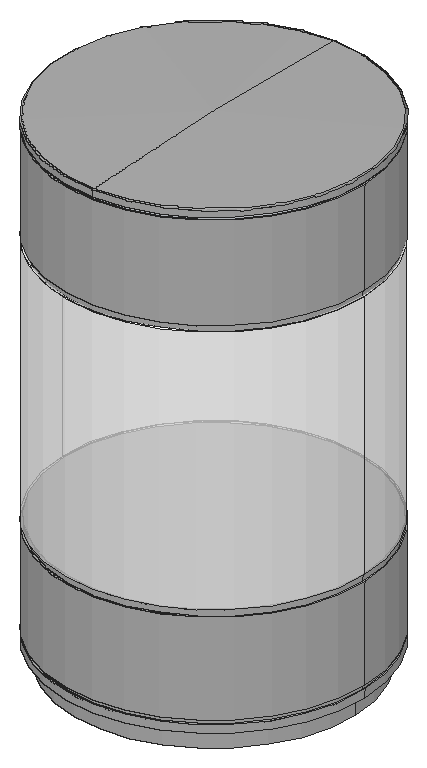
Revit family "Platek_Tube", category Apparecchi per illuminazione, Revit 2017
Family settings
  Quota connettore circolare = Usa diametro
  Tipo di parte = Normale
  Basato su piano di lavoro = No
  Sempre verticale = Sì
  Taglio con vuoti quando caricato = No
  Sorgente d'illuminazione = Sì
  Condiviso = No
  Punto di calcolo locali = No
Parameters (values of type "3365610_10W_LED_3000K_H260mm")
  Width = 150.000 mm
  Wattage = 2.80056 W
  Variazione temperatura colore lampada con luminosità attenuata = <Nessuno>
  URL = "www.platek.eu"
  built-in parameter 1150107 = 3000 (stored number, unit not read)
  Supply Voltage Min = 220 V
  Supply Voltage Max = 240 V
  Supply Voltage = 230 V
  Rendi la forma visibile nel rendering = no
  R [instance] = 75.000 mm
  Produttore = "PLATEK SRL"  # constant formula
  Product Page URL = "http://www.platek.eu/eng/catalogo.php?catseaname=tube"
  Product Documentation Link = "http://www.platek.eu/eng/catalogo.php?catseaname=tube"
  Product Dimension = "D160mm x H260mm"
  Power Supply Unit = "Included"
  built-in parameter 1150110 = 1 (stored number, unit not read)
  built-in parameter 1150109 = 1 (stored number, unit not read)
  built-in parameter 1114218 = 1 (stored number, unit not read)
  built-in parameter 1150112 = 1 (stored number, unit not read)
  PLATEK FInishes = "Painted Aluminium Avalaible in Anthracite/Black/White/Corten/Bronze"
  PLATEK Article Code = "3365610"
  Nota chiave = "Other Led colors available on request"
  Mounting Type = "Ground"
  Modello = "Tube"  # constant formula
  built-in parameter 1150137 = (empty or 0)
  built-in parameter 1150132 = 2
  Manufacturer Comment = "Transparent"
  Luminaire Wattage = 10 W
  Luminaire Luminous Intensity = 107 cd
  Luminaire Luminous Flux = 416 lm
  Height Light = if(H Light260, 246.000 mm, if(H Light1000, 250.000 mm, if(H Light3000, 1000.000 mm, if(H Light4000, 2000.000 mm, 246.000 mm))))  # 246.000 mm
  Light Source = PLK_Light Source
  Lampada = "LED"
  LED Protection = "Surge protection included"
  built-in parameter 1150105 = 106.96 (stored number, unit not read)
  built-in parameter 1150102 = (empty or 0)
  Insulation Class = "2"
  Immagine tipo = tube_260_trasparente.jpg
  built-in parameter 1150106 = 1.0696 (stored number, unit not read)
  IP Rating = "IP65"
  IK Rating = "IK 10"
  H Light4000 = no
  H Light3000 = no
  H Light260 = yes
  H Light1000 = no
  H Body4000 = no
  H Body3000 = no
  H Body1000 = no
  H Body260 = yes
  Frequency = "0/50/60 Hz"
  Lumens = 416 lm
  Color Filter = 16777215
  File diagramma fotometrico = "3365610.IES"
  built-in parameter 1114217 = 1 (stored number, unit not read)
  built-in parameter 1150139 = (empty or 0)
  Energy Efficiency Rating = "A/A+/A++"
  Emetti da diametro cerchio = 150.000 mm
  built-in parameter 1150104 = 13.8 (stored number, unit not read)
  built-in parameter 1150115 = 1 (stored number, unit not read)
  built-in parameter 1150114 = 1 (stored number, unit not read)
  built-in parameter 1150113 = 1 (stored number, unit not read)
  Dimmable = "No"
  Diffuse Type = "PMMA"
  Descrizione = "Outdoor Lighting, Floor/Ground Illumination"
  Depth = 150.000 mm
  Commenti sul tipo = "Pedestrian areas, Urban zones, Paths, Roads"
  Colour Temperature = 3000 K
  built-in parameter 1150134 = (empty or 0)
  built-in parameter 1150138 = (empty or 0)
  Codice assieme = "3365610.06(Grey); 3365610.08(Anthracite); 3365610.01(Black); 3365610.02(White); 3365610.07(Corten); 3365610.09(Bronze)"
  Apparent Load = 0 VA
  Cable Lenght = ""
  CRI = ">80"
  Height Body = if(H Body260, 14.000 mm, if(H Body1000, 750.000 mm, if(H Body3000, 2000.000 mm, if(H Body4000, 2000.000 mm, 14.000 mm))))  # 14.000 mm
  Body = PLK_Grey
  Beam Angle = 0.00°
  BASE = 75.000 mm
  Angolo inclinazione = 90.00°
  Aluminium = PLK_Light Source
  built-in parameter 1150133 = 10 (stored number, unit not read)
Types (9, lengths in mm): name | Wattage | R | Product Dimension | PLATEK Article Code | Manufacturer Comment | Luminaire Wattage | Luminaire Luminous Intensity | Luminaire Luminous Flux | Height Light | built-in parameter 1150105 | Immagine tipo | built-in parameter 1150106 | H Light4000 | H Light3000 | H Light260 | H Light1000 | H Body4000 | H Body3000 | H Body1000 | H Body260 | Lumens | File diagramma fotometrico | Commenti sul tipo | Codice assieme | Height Body
  (no name) | 2.80056 W | 75.000 | "D160mm x H260mm" | "3365610" | "Transparent" | 10 W | 107 cd | 416 lm | 246.000 | 106.96 (stored number, unit not read) | tube_260_trasparente.jpg | 1.0696 (stored number, unit not read) | no | no | yes | no | no | no | no | yes | 416 lm | "3365610.IES" | "Pedestrian areas, Urban zones, Paths, Roads" | "3365610.06(Grey); 3365610.08(Anthracite); 3365610.01(Black); 3365610.02(White); 3365610.07(Corten); 3365610.09(Bronze)" | 14.000
  3365610_10W_LED_3000K_H260mm | 2.80056 W | 75.000 | "D160mm x H260mm" | "3365610" | "Transparent" | 10 W | 107 cd | 416 lm | 246.000 | 106.96 (stored number, unit not read) | tube_260_trasparente.jpg | 1.0696 (stored number, unit not read) | no | no | yes | no | no | no | no | yes | 416 lm | "3365610.IES" | "Pedestrian areas, Urban zones, Paths, Roads" | "3365610.06(Grey); 3365610.08(Anthracite); 3365610.01(Black); 3365610.02(White); 3365610.07(Corten); 3365610.09(Bronze)" | 14.000
  3365611_20W_LED_3000K_H1000mm | 6.22046 W | 75.000 | "D160mm x H1000mm" | "3365611" | "" | 20 W | 237.67 cd | 924 lm | 250.000 | 73.53 (stored number, unit not read) | tube_1000_trasparente.jpg | 0.7353 (stored number, unit not read) | no | no | no | yes | no | no | yes | no | 924 lm | "3365611.IES" | "Pedestrian areas, Urban zones, Paths, Roads" | "3365611.06(Grey); 3365611.08(Anthracite);3365611.01(Black); 3365611.02(White); 3365611.07(Corten); 3365611.09(Bronze)" | 750.000
  3365613_42W_LED_3000K_H3000mm | 13.5652 W | 175.000 | "D160mm x H3000mm" | "3365613" | "" | 42 W | 558.18 cd | 2015 lm | 1000.000 | 160.35 (stored number, unit not read) | tube_3000_trasparente.jpg | 1.6035 (stored number, unit not read) | no | yes | no | no | no | yes | no | no | 2015 lm | "3365613.IES" | "Pedestrian areas, Urban zones, Paths, Roads" | "3365613.06(Grey); 3365613.08(Anthracite); 3365613.01(Black); 3365613.02(White); 3365613.07(Corten); 3365613.09(Bronze)" | 2000.000
  3365614_42W_LED_3000K_H4000mm | 13.5652 W | 175.000 | "D160mm x H4000mm" | "3365614" | "" | 42 W | 558.18 cd | 2015 lm | 2000.000 | 160.35 (stored number, unit not read) | tube_4000_trasparente.jpg | 1.6035 (stored number, unit not read) | yes | no | no | no | yes | no | no | no | 2015 lm | "3365614.IES" | "Siutable for restaurants, balconies, terraces, lounge areas" | "3365614.06(Grey); 3365614.08(Anthracite); 3365614.01(Black); 3365614.02(White); 3365614.07(Corten); 3365614.09(Bronze)" | 2000.000
  3366610_10W_LED_3000K_H260mm | 4.08639 W | 75.000 | "D160mm x H260mm" | "3366610" | "Sandblasted" | 10 W | 918 cd | 607 lm | 246.000 | 48.304 (stored number, unit not read) | tube_260_sabbiato.jpg | 0.48304 (stored number, unit not read) | no | no | yes | no | no | no | no | yes | 607 lm | "3366610.IES" | "Pedestrian areas, Urban zones, Paths, Roads" | "3366610.06(Grey); 3366610.08(Anthracite); 3366610.01(Black); 3366610.02(White); 3366610.07(Corten); 3366610.09(Bronze)" | 14.000
  3366611_20W_LED_3000K_H1000mm | 8.41513 W | 75.000 | "D160mm x H1000mm" | "3366611" | "Sandblasted" | 20 W | 188.87 cd | 1250 lm | 250.000 | 321.38 (stored number, unit not read) | tube_1000_sabbiato.jpg | 3.2138 (stored number, unit not read) | no | no | no | yes | no | no | yes | no | 1250 lm | "3366611.IES" | "Pedestrian areas, Urban zones, Paths, Roads" | "3366611.06(Grey); 3366611.08(Anthracite);3366611.01(Black); 3365611.02(White); 3366611.07(Corten); 3366611.09(Bronze)" | 750.000
  3366613_42W_LED_3000K_H3000mm | 19.0855 W | 175.000 | "D160mm x H3000mm" | "3366613" | "Sandblasted" | 42 W | 429 cd | 2835 lm | 1000.000 | 784.97 (stored number, unit not read) | tube_3000_sabbiato.jpg | 7.8497 (stored number, unit not read) | no | yes | no | no | no | yes | no | no | 2835 lm | "3366613.IES" | "Pedestrian areas, Urban zones, Paths, Roads" | "3366613.06(Grey); 3366613.08(Anthracite); 3366613.01(Black); 3366613.02(White); 3366613.07(Corten); 3366613.09(Bronze)" | 2000.000
  3366614_42W_LED_3000K_H4000mm | 19.0855 W | 175.000 | "D160mm x H4000mm" | "3366614" | "Sandblasted" | 42 W | 429 cd | 2835 lm | 2000.000 | 784.97 (stored number, unit not read) | tube_4000_sabbiato.jpg | 7.8497 (stored number, unit not read) | yes | no | no | no | yes | no | no | no | 2835 lm | "3366614.IES" | "Siutable for restaurants, balconies, terraces, lounge areas" | "3366614.06(Grey); 3366614.08(Anthracite); 3366614.01(Black); 3366614.02(White); 3366614.07(Corten); 3366614.09(Bronze)" | 2000.000
Reference planes
  plane 1 "Centro (Fronte/Retro)": y = 0
  plane 2: z = 0
  plane 3 "Centro (Sinistra/Destra)": x = 0
  plane 4: z = 10
  plane 5: z = 14
  plane 6: z = 16
  plane 7: z = 65
  plane 8: z = 68
  plane 9: z = 200
  plane 10: z = 253
  plane 11: z = 254.246
  plane 12: z = 260
  plane 13: z = 203
  plane 14: x = 75
  plane 15: x = -75
  plane 16: y = -75
  plane 17: y = 75
Forms (mm)
  Extrusion 1, solid, material "PLK_Grey" <- "Body", detail levels fine
    sketch origin (0, 0, 1892.5) x (-1, 0, 0) y (0, -1, 0)
      loop
        circle (0, 0) r 80
    from -1882.5 to -1878.5
  Extrusion 2, solid, material "PLK_Grey" <- "Body", detail levels fine
    sketch origin (0, 0, 1892.5) x (-1, 0, 0) y (0, -1, 0)
      loop
        circle (0, 0) r 79
    from -1878.5 to -1876.5
  Extrusion 3, solid, material "PLK_Grey" <- "Body", detail levels fine
    sketch origin (0, 0, 1892.5) x (-1, 0, 0) y (0, -1, 0)
      loop
        circle (0, 0) r 80
    from -1876.5 to -1827.5
  Extrusion 4, solid, material "PLK_Grey" <- "Body", detail levels fine
    sketch origin (0, 0, 1892.5) x (-1, 0, 0) y (0, -1, 0)
      loop
        circle (0, 0) r 79
    from -1827.5 to -1824.5
  Extrusion 5, solid, material "PLK_Light Source" <- "Light Source", detail levels medium+fine
    sketch origin (0, 0, 1892.5) x (-1, 0, 0) y (0, -1, 0)
      loop
        circle (0, 0) r 80
    from -1824.5 to -1692.5
  Extrusion 6, solid, material "PLK_Grey" <- "Body", detail levels fine
    sketch origin (0, 0, 1892.5) x (-1, 0, 0) y (0, -1, 0)
      loop
        circle (0, 0) r 79
    from -1692.5 to -1689.5
  Extrusion 7, solid, material "PLK_Grey" <- "Body", detail levels fine
    sketch origin (0, 0, 1892.5) x (-1, 0, 0) y (0, -1, 0)
      loop
        circle (0, 0) r 80
    from -1689.5 to -1639.5
  Extrusion 8, solid, detail levels fine
    sketch origin (0, 0, 1892.5) x (-1, 0, 0) y (0, -1, 0)
      loop
        circle (0, 0) r 79
    from -1639.5 to -1638.254
  Revolve 9, solid, material "PLK_Grey" <- "Body", detail levels fine
    sketch origin (0, 0, 0) x (0, 1, 0) y (0, 0, 1)
      loop
        line (0, 260) -> (0, 254.246) -> (80.06, 254.246) -> (80.06, 257.445)
        arc (80.06, 257.445) -> (79.894, 257.845) -> (79.494, 258.011) r 0.566
        line (79.494, 258.011) -> (0, 260)
      axis (0, 260) -> (0, 254.246)
    angle from 0 to 360
  Extrusion 10, solid, material "PLK_Grey" <- "Body", detail levels coarse
    sketch origin (0, 0, 1892.5) x (-1, 0, 0) y (0, -1, 0)
      loop
        circle (0, 0) r 80
    from -1892.5 to -1632.5
  Extrusion 11, solid, material "PLK_Grey" <- "Body", detail levels medium
    sketch origin (0, 0, 1892.5) x (-1, 0, 0) y (0, -1, 0)
      loop
        circle (0, 0) r 80
    from -1892.5 to -1824.5
  Extrusion 12, solid, material "PLK_Grey" <- "Body", detail levels medium
    sketch origin (0, 0, 1892.5) x (-1, 0, 0) y (0, -1, 0)
      loop
        circle (0, 0) r 80
    from -1692.5 to -1632.5
  Extrusion 13, solid, material "PLK_Grey" <- "Body"
    sketch origin (0, 0, 1892.5) x (-1, 0, 0) y (0, -1, 0)
      loop
        circle (0, 0) r 75
    from -1892.5 to -1882.5
Dimensions and locks
  plane 4 to plane 2 = 10.000 mm
  plane 5 to plane 4 = 4.000 mm
  plane 6 to plane 5 = 2.000 mm
  plane 7 to plane 6 = 49.000 mm
  plane 8 to plane 7 = 3.000 mm
  plane 9 to plane 8 = 132.000 mm
  plane 10 to plane 9 = 53.000 mm
  plane 11 to plane 10 = 1.246 mm
  plane 12 to plane 11 = 5.754 mm
  Extrusion 5 to plane 13 to plane 10 = 3.000 mm, 50.000 mm
  locked: plane 4 to level at 10
  "Height Body": plane 5 to level
  locked: plane 6 to plane 5 at 2
  locked: plane 7 to plane 6 at 49
  locked: plane 8 to plane 7 at 3
  locked: plane 13 to plane 9 at 3
  locked: plane 10 to plane 13 at 50
  locked: plane 11 to plane 10 at 1.246
  locked: plane 12 to plane 11 at 5.754
  "Height Light": plane 12 to plane 5
  equal spacing: plane 15, plane 3 "Centro (Sinistra/Destra)", plane 14, locked at 75 each
  equal spacing: plane 17, plane 1 "Centro (Fronte/Retro)", plane 16, locked at 75 each
  "Depth": plane 17 to plane 16
  "Width": plane 15 to plane 14
  radius of Extrusion 1 sketch curve = 80.000 mm
  radius of Extrusion 4 sketch curve = 79.000 mm
  radius of Extrusion 5 sketch curve = 80.000 mm
  radius of Extrusion 6 sketch curve = 79.000 mm
  radius of Extrusion 7 sketch curve = 80.000 mm
  radius of Extrusion 8 sketch curve = 79.000 mm
  radius of Extrusion 10 sketch curve = 80.000 mm
  radius of Extrusion 11 sketch curve = 80.000 mm
  radius of Extrusion 12 sketch curve = 80.000 mm
  "R": radius of Extrusion 13 sketch curve
  aligned and locked: level to plane 2
  aligned and locked: Extrusion 1 to plane 4
  aligned and locked: plane 5 to Extrusion 1
  aligned and locked: Extrusion 2 to plane 5
  aligned and locked: plane 6 to Extrusion 2
  aligned and locked: Extrusion 3 to plane 6
  aligned and locked: plane 7 to Extrusion 3
  aligned and locked: Extrusion 4 to plane 7
  aligned and locked: plane 8 to Extrusion 4
  aligned and locked: Extrusion 5 to plane 8
  aligned and locked: plane 9 to Extrusion 5
  aligned and locked: Extrusion 6 to plane 9
  aligned and locked: plane 13 to Extrusion 6
  aligned and locked: Extrusion 7 to plane 13
  aligned and locked: plane 10 to Extrusion 7
  aligned and locked: Extrusion 8 to plane 10
  aligned and locked: plane 11 to Extrusion 8
  aligned and locked: plane 1 "Centro (Fronte/Retro)" to Revolve 9 sketch curve
  aligned and locked: plane 9 to imposter light
  aligned and locked: plane 3 "Centro (Sinistra/Destra)" to imposter light
  aligned and locked: imposter light to plane 1 "Centro (Fronte/Retro)"
  aligned and locked: Extrusion 10 to level
  aligned and locked: plane 12 to Extrusion 10
  aligned and locked: Extrusion 11 to level
  aligned and locked: plane 8 to Extrusion 11
  aligned and locked: Extrusion 12 to plane 9
  aligned and locked: plane 12 to Extrusion 12
  aligned and locked: Extrusion 13 to level
  aligned and locked: plane 4 to Extrusion 13
Automatic sketch dimensions
  plane 1 "Centro (Fronte/Retro)" to Extrusion 1 sketch curve = 0.000 mm
  Extrusion 1 sketch curve to plane 3 "Centro (Sinistra/Destra)" = 0.000 mm
  plane 1 "Centro (Fronte/Retro)" to Extrusion 2 sketch curve = 0.000 mm
  Extrusion 2 sketch curve to plane 3 "Centro (Sinistra/Destra)" = 0.000 mm
  plane 1 "Centro (Fronte/Retro)" to Extrusion 3 sketch curve = 0.000 mm
  Extrusion 3 sketch curve to plane 3 "Centro (Sinistra/Destra)" = 0.000 mm
  plane 1 "Centro (Fronte/Retro)" to Extrusion 4 sketch curve = 0.000 mm
  Extrusion 4 sketch curve to plane 3 "Centro (Sinistra/Destra)" = 0.000 mm
  plane 1 "Centro (Fronte/Retro)" to Extrusion 5 sketch curve = 0.000 mm
  Extrusion 5 sketch curve to plane 3 "Centro (Sinistra/Destra)" = 0.000 mm
  plane 1 "Centro (Fronte/Retro)" to Extrusion 6 sketch curve = 0.000 mm
  Extrusion 6 sketch curve to plane 3 "Centro (Sinistra/Destra)" = 0.000 mm
  plane 1 "Centro (Fronte/Retro)" to Extrusion 7 sketch curve = 0.000 mm
  Extrusion 7 sketch curve to plane 3 "Centro (Sinistra/Destra)" = 0.000 mm
  plane 1 "Centro (Fronte/Retro)" to Extrusion 8 sketch curve = 0.000 mm
  Extrusion 8 sketch curve to plane 3 "Centro (Sinistra/Destra)" = 0.000 mm
  Revolve 9 sketch curve to plane 1 "Centro (Fronte/Retro)" = 0.000 mm
  Revolve 9 sketch curve to plane 11 = 0.000 mm
  Revolve 9 sketch curve to plane 12 = 0.000 mm
  Revolve 9 sketch curve to plane 12 = 2.555 mm
  Revolve 9 sketch curve to plane 1 "Centro (Fronte/Retro)" = 79.494 mm
  Revolve 9 sketch curve to Revolve 9 sketch curve = 0.566 mm
  Revolve 9 sketch curve to plane 10 = 24.380 mm
  plane 12 to Revolve 9 sketch curve = 14.246 mm
  plane 1 "Centro (Fronte/Retro)" to Extrusion 10 sketch curve = 0.000 mm
  Extrusion 10 sketch curve to plane 3 "Centro (Sinistra/Destra)" = 0.000 mm
  plane 1 "Centro (Fronte/Retro)" to Extrusion 11 sketch curve = 0.000 mm
  Extrusion 11 sketch curve to plane 3 "Centro (Sinistra/Destra)" = 0.000 mm
  plane 1 "Centro (Fronte/Retro)" to Extrusion 12 sketch curve = 0.000 mm
  Extrusion 12 sketch curve to plane 3 "Centro (Sinistra/Destra)" = 0.000 mm
  plane 1 "Centro (Fronte/Retro)" to Extrusion 13 sketch curve = 0.000 mm
  Extrusion 13 sketch curve to plane 3 "Centro (Sinistra/Destra)" = 0.000 mm
  radius of Extrusion 2 sketch curve = 79.000 mm
  radius of Extrusion 3 sketch curve = 80.000 mm
Connectors
  electrical at (0, 0, 0)
    settings: on Extrusion 13, index 1, voltage 0 V, apparent load 0 VA, apparent load phase1 0 VA, apparent load phase2 0 VA, apparent load phase3 0 VA, power factor 1, load classification "Altro", number of poles 1, system type 14, power factor state 1, is connector primary yes, connector utility no, sub classification motor no, connector description ""
